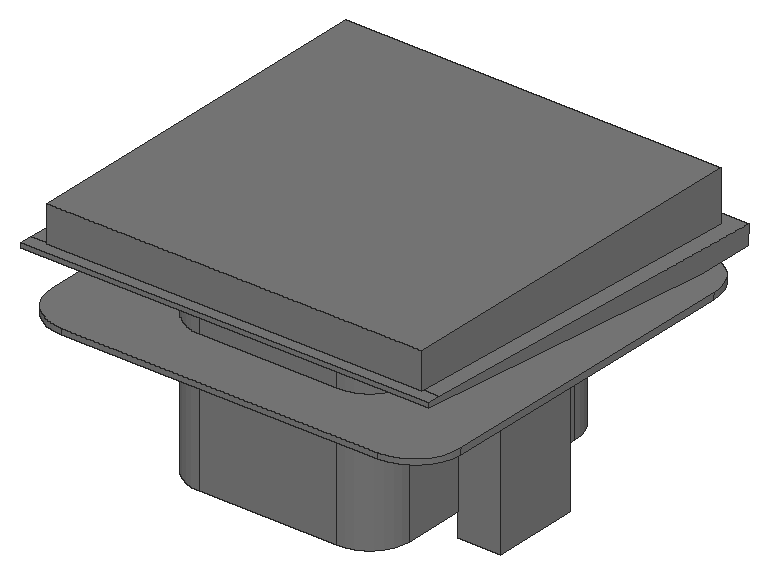
Revit family "Gira_012665", category Electrical Fixtures, host Face, Revit 2017
Family settings
  Host = Face
  Maintain Annotation Orientation = Yes
  Round Connector Dimension = Use Diameter
  Part Type = Normal
  Cut with Voids When Loaded = No
  Shared = No
  Room Calculation Point = No
Parameters (values of type "Tastschalter AusWe Gira TX_44 (WG UP) F Alu")
  Zusammenstellung = "Basiselement mit zentraler Abdeckplatte"
  Werkstoffgüte = "Thermoplast"
  Werkstoff = "sonstige"
  Waschmaschinenschalter = "No"
  URL = "http://katalog.gira.de/de_DE/datenblatt.html?artikelnr=012665"
  Textfeld/Beschriftungsfläche = "nein"
  Tastschalter = "Yes"
  Schaltungsart = "Wechselschalter"
  Rückmeldekontakt = "No"
  Region = "DE"
  Oberfläche = "sonstige"
  Nennspannung = "250 Volt"
  Name = "Tastschalter AusWe Gira TX_44 (WG UP) F Alu"
  Montageart = "unter Putz"
  Mit Montageplatte = "No"
  Manufacturer URL = "https://www.gira.de/"
  Keynote = "TX44_Komplettgerät_Schalten und Tasten"
  HeinzeBIM = "https://bimportal.heinze.de/bim/tastschalter-auswe-gira-tx-44-wg-up-f-alu/8857be974072fe01efa7b0c90089dccfeb25932b"
  Halogenfrei = "No"
  HAN = "012665"
  Geeignet für Schutzart (IP) = "IP44"
  GTIN = "4010337126652"
  Farbe = "aluminium"
  Default Elevation = 1219.2 mm
  Data sheet (1) = "https://katalog.gira.de/de_DE/download.html?artikelnr=012665"
  Category = "Installationsschalter"
  Bemessungsstrom = "10 Ampere"
  Beleuchtung = "nein"
  Befestigungsart = "Krallen-/Schraubbefestigung"
  Bedienungsart = "Wippe/Taste"
  Available = "Yes"
  Anzahl der Module (bei Modulbauweise) = "1 "
  Anzahl der Betätigungswippen = "1 "
  Anschlussart = "Steckklemme"
Reference planes
  plane 1 "Center (Front/Back)": y = 0
  plane 2 "Reference Level 0": z = 0
  plane 3 "Center (Left/Right)": x = 0
  plane 4: z = -28.6
Forms (mm)
  Extrusion 1, solid, material "Default", detail levels fine
    sketch origin (0, 0, 0) x (1, 0, 0) y (0, 1, 0)
      loop
        line (-32.604, 32.5) -> (-32.604, -32.5) -> (32.735, -32.5) -> (32.735, 32.5) -> (-32.604, 32.5)
    from 0 to 12.3
  Extrusion 2, solid, material "Default", detail levels fine
    sketch origin (0, 0, 0) x (0, 1, 0) y (0, 0, 1)
      loop
        line (35, 3.483) -> (-32.2, 6) -> (-34.55, 6) -> (-34.536, 5.199) -> (24.886, 0) -> (34.939, 0) -> (35, 3.483)
    from -35.5 to 35.5
  Extrusion 3, void
    sketch origin (0, 0, 0) x (0, 1, 0) y (0, 0, 1)
      loop
        line (42.419, 3.205) -> (-32.2, 6) -> (-42.193, 6) -> (-42.193, -11.826) -> (42.419, -11.826) -> (42.419, 3.205)
    from -64.194 to 61.264
  Extrusion 4, solid, material "Default", detail levels fine
    sketch origin (0, 0, 0) x (1, 0, 0) y (0, 1, 0)
      loop
        arc (35.5, 27.5) -> (33.157, 33.157) -> (27.5, 35.5) r 8
        line (27.5, 35.5) -> (-27.5, 35.5)
        arc (-27.5, 35.5) -> (-33.157, 33.157) -> (-35.5, 27.5) r 8
        line (-35.5, 27.5) -> (-35.5, -27.5)
        arc (-35.5, -27.5) -> (-33.157, -33.157) -> (-27.5, -35.5) r 8
        line (-27.5, -35.5) -> (27.5, -35.5)
        arc (27.5, -35.5) -> (33.157, -33.157) -> (35.5, -27.5) r 8
        line (35.5, -27.5) -> (35.5, 27.5)
    from -4.1 to -5.1
  Extrusion 5, solid, material "Default", detail levels fine
    sketch origin (0, 0, 0) x (1, 0, 0) y (0, 1, 0)
      loop
        arc (-12, 25) -> (-16.95, 22.95) -> (-19, 18) r 7
        line (-19, 18) -> (-19, -18)
        arc (-19, -18) -> (-16.95, -22.95) -> (-12, -25) r 7
        line (-12, -25) -> (12, -25)
        arc (12, -25) -> (16.95, -22.95) -> (19, -18) r 7
        line (19, -18) -> (19, 18)
        arc (19, 18) -> (16.95, 22.95) -> (12, 25) r 7
        line (12, 25) -> (-12, 25)
    from 4.692 to -28.6
  Extrusion 6, solid, material "Default", detail levels fine
    sketch origin (0, 0, 0) x (1, 0, 0) y (0, 1, 0)
      loop
        line (-26.5, -7.5) -> (-19, -7.5) -> (-19, 7.5) -> (-26.5, 7.5) -> (-26.5, -7.5)
    from -5.1 to -32.6
  Extrusion 7, solid, material "Default", detail levels fine
    sketch origin (0, 0, 0) x (-1, 0, 0) y (0, -1, 0)
      loop
        line (-26.5, 7.5) -> (-26.5, -7.5) -> (-19, -7.5) -> (-19, 7.5) -> (-26.5, 7.5)
    from -5.1 to -32.6
  Extrusion 8, solid, material "Default", detail levels medium
    sketch origin (0, 0, 0) x (1, 0, 0) y (0, 1, 0)
      loop
        line (-32.604, 32.5) -> (-32.604, -32.5) -> (32.735, -32.5) -> (32.735, 32.5) -> (-32.604, 32.5)
    from 0 to 12.3
  Extrusion 9, solid, material "Default", detail levels medium
    sketch origin (0, 0, 0) x (0, 1, 0) y (0, 0, 1)
      loop
        line (35, 3.483) -> (-32.2, 6) -> (-34.55, 6) -> (-34.445, 0) -> (34.939, 0) -> (35, 3.483)
    from -35.5 to 35.5
  Extrusion 10, solid, material "Default", detail levels medium
    sketch origin (0, 0, 0) x (1, 0, 0) y (0, 1, 0)
      loop
        line (-26.5, 25) -> (-26.5, -25) -> (26.5, -25) -> (26.5, 25) -> (-26.5, 25)
    from 4.692 to -32.6
  Extrusion 11, solid, material "Default", detail levels medium
    sketch origin (0, 0, 0) x (1, 0, 0) y (0, 1, 0)
      loop
        line (35.5, 35.5) -> (-35.5, 35.5) -> (-35.5, -35.5) -> (35.5, -35.5) -> (35.5, 35.5)
    from -4.1 to -5.1
  Extrusion 12, solid, material "Default", detail levels coarse
    sketch origin (0, 0, 0) x (1, 0, 0) y (0, 1, 0)
      loop
        line (35.5, 35.5) -> (-35.5, 35.5) -> (-35.5, -35.5) -> (35.5, -35.5) -> (35.5, 35.5)
    from -32.6 to 12.3
Cuts and joins
  Extrusion 3 cuts Extrusion 1
  joined: Extrusion 1, Extrusion 2, Extrusion 4, Extrusion 5, Extrusion 6, Extrusion 7
Dimensions and locks
  Extrusion 12 to Extrusion 12 = 44.9 mm
  aligned and locked: plane 2 "Reference Level 0" to host face
  aligned and locked: level to host face
  aligned and locked: plane 3 "Center (Left/Right)" to nested 1
  aligned and locked: plane 1 "Center (Front/Back)" to nested 1
Nested families
  nested 1: "Schalter" at (0, 0, 0), type "Schalter"
Connectors
  electrical at (0, 0, -32.6)
    settings: on Extrusion 12, index 1, voltage 220 V, apparent load 0 VA, apparent load phase1 0 VA, apparent load phase2 0 VA, apparent load phase3 0 VA, power factor 1, load classification "Other", number of poles 1, system type 30, power factor state 1, is connector primary yes, connector utility no, sub classification motor no, connector description ""
Definition of nested family "Schalter"
  Reference planes
    plane 1: y = 0
    plane 2: x = 0
  Lines and regions (mm)
    detail lines
      curve 1: circle (1.375, 2.778, 0) r 0.8 normal (0, 0, 1)
      curve 2: line (1.021, 2.061, 0) -> (0, 0, 0)
      curve 3: line (0, 0, 0) -> (-0.538, 0.266, 0)
  Dimensions and locks
    curve 2 to curve 2 = 2.3 mm
    curve 3 to curve 2 = 0.6 mm
    radius of curve 1 = 0.8 mm
